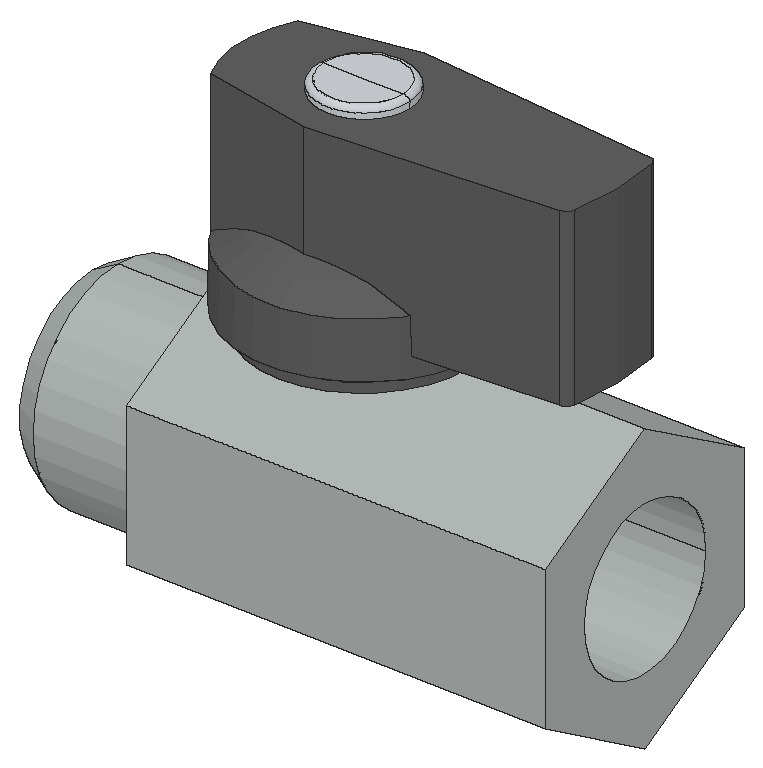
Revit family "QL10300000", category Apparecchi idraulici, Revit 2020
Family settings
  Quota connettore circolare = Usa diametro
  Tipo di parte = Normale
  Numero OmniClass = 23.45.00.00
  Titolo OmniClass = Sanitary, Laundry, and Cleaning Equipment
  Basato su piano di lavoro = No
  Sempre verticale = Sì
  Taglio con vuoti quando caricato = No
  Condiviso = No
  Punto di calcolo locali = No
Parameters
  URL = "https://web.cimberio.com/index.php/figura/32?subcategoria_id=47"
  Temperatura di esercizio = "-20 ÷ 95°C"
  Prospetto di default = 0 mm
  Produttore = "CIMBERIO SPA"
  Pressione nominale = "PN 150"
  Modello = "Cim 012"
  Materiale = "Prodotto in lega di ottone conforme alla norma EN 12165-CW617N-DW."
  Descrizione = "Realizzato in ottemperanza ai requisiti gestionali della norma EN ISO 9001.\r\nUtilizzato per la regolazione della temperatura degli ambienti e comandare apparecchi degli impianti di riscaldamento e condizionamento."
  DN Model [instance] = QL10301015 : QL10301015
  DN [instance] = 15 mm
  Commenti sul tipo = "Utilizzato nei più svariati settori dell'impiantistica: impianti di riscaldamento, condizionamento, idrici, igienico-sanitari, aria compressa e in generale con ogni fluido non corrosivo"
Reference planes
  plane 1 "Centro (Fronte/Retro)": y = 0
  plane 2: z = 0
  plane 3 "Centro (Sinistra/Destra)": x = 0
Dimensions and locks
  aligned and locked: level to plane 2
Nested families
  nested 1: "QL10301015" at (0, 0, 0), type <- "DN Model", type "QL10301015"
  nested 2: "QL10301015" at (0, 0, 0), type <- "DN Model", type "QL10301015"
  nested 3: "QL10301015" at (0, 0, 0), type <- "DN Model", type "QL10301015"
Connectors
  piping at (25.957, 0, 14), diameter 15, driven by "DN"
    settings: on nested 1, index 1, connector inside diameter 609.6 mm, connector length 0 mm, flow factor 0, pipe flow 0.0 L/s, pressure drop 0.0 Pa, fitting loss kfactor 0, connector angle 0.00°, fixture units 0, engagement length 0 mm, angle of deflection 0.00°, flow configuration 0, flow direction 0, fitting loss method 0, system type 7, joint type 0, gender type 0, connector reference index -1, connector utility 0, adjustable connector no, is connector primary yes, connector description ""
  piping at (-27.762, 0, 11.892), diameter 15, driven by "DN"
    settings: on nested 1, index 2, connector inside diameter 609.6 mm, connector length 0 mm, flow factor 0, pipe flow 0.0 L/s, pressure drop 0.0 Pa, fitting loss kfactor 0, connector angle 0.00°, fixture units 0, engagement length 0 mm, angle of deflection 0.00°, flow configuration 0, flow direction 0, fitting loss method 0, system type 7, joint type 0, gender type 0, connector reference index -1, connector utility 0, adjustable connector no, is connector primary no, connector description ""
Definition of nested family "QL10301015"
  Parameters (values of type "QL10301015")
    URL = "https://web.cimberio.com/index.php/figura/1418?subcategoria_id="
    Temperatura di esercizio = "-10 ÷ 110°C"
    Default Elevation = 0 mm
    Manufacturer = "CIMBERIO SPA"
    Pressione nominale = "PN 10"
    Model = "Cim 150VIC"
    Materiale = "Prodotto in lega di ottone conforme alla norma EN 12165-CW617N-DW"
    Description = "Utilizzato nei più svariati settori dell'impiantistica: impianti di riscaldamento, condizionamento, idrici, igienico-sanitari e in generale con ogni fluido non corrosivo"
    DN Model [instance] = HG00081015 : HG00081015
    DN [instance] = 15 mm
    Type Comments = "Realizzato in ottemperanza ai requisiti gestionali della norma EN ISO 9001.\r\nCollaudato al 100% secondo la normativa EN 12266-1"
  Reference planes
    plane 1 "Centro (Fronte/Retro)": y = 0
    plane 2: z = 0
    plane 3 "Centro (Sinistra/Destra)": x = 0
  Forms (mm)
    Extrusion 1, solid
      sketch origin (0, 0, 14) x (0, 1, 0) y (0, 0, 1)
        loop
          circle (0, 0) r 7.5
        loop
          line (0, 14) -> (-12.124, 7) -> (-12.124, -7) -> (0, -14) -> (12.124, -7) -> (12.124, 7) -> (0, 14)
      from -15.043 to 25.957
    Revolve 2, solid
      sketch origin (0.156, 0, -0.02) x (1, 0, 0) y (0, 0, 1)
        loop
          line (-13.65, 29.159) -> (-12.068, 28.245) -> (-12.068, 27.3) -> (-1.75, 27.3) -> (-1.75, 38.235)
          arc (-1.75, 38.235) -> (-7.968, 37.443) -> (-13.555, 34.603) r 18.326
          line (-13.555, 34.603) -> (-13.65, 29.159)
        axis (-1.75, 27.3) -> (-1.75, 38.235)
      angle from 0 to 360
    Revolve 3, solid
      sketch origin (0.186, 0, -0.001) x (1, 0, 0) y (0, 0, 1)
        loop
          line (-6.25, 48.586) -> (-6.25, 47.06) -> (-1.75, 47.06) -> (-1.75, 49.1) -> (-5.644, 49.1)
          arc (-5.644, 49.1) -> (-6.041, 48.954) -> (-6.25, 48.586) r 0.614
        axis (-1.75, 49.1) -> (-1.75, 47.06)
      angle from 0 to 360
    Extrusion 4, solid
      sketch origin (0, 0, 0) x (1, 0, 0) y (0, 1, 0)
        loop
          line (-1.55, -7.358) -> (21.897, -5.374)
          arc (21.897, -5.374) -> (22.482, -5.121) -> (22.795, -4.565) r 1
          arc (22.795, -4.565) -> (23.239, 0.126) -> (22.795, 4.817) r 25
          arc (22.795, 4.817) -> (22.645, 5.184) -> (22.364, 5.464) r 1
          line (22.364, 5.464) -> (-1.549, 7.359) -> (-12.286, 5.325)
          arc (-12.286, 5.325) -> (-13.555, -0.054) -> (-12.237, -5.422) r 11.805
          line (-12.237, -5.422) -> (-1.55, -7.358)
      from 31.045 to 48.089
    Revolve 5, solid
      sketch origin (-0.985, 0, 0) x (1, 0, 0) y (0, 0, 1)
        loop
          line (-14.058, 24.427) -> (-24.564, 24.422) -> (-27.063, 22.977) -> (-27.063, 21.5) -> (-14.058, 21.5) -> (-14.058, 24.427)
        axis (-14.058, 14) -> (-27.063, 14)
      angle from 0 to 360
  Dimensions and locks
    aligned and locked: level to plane 2
